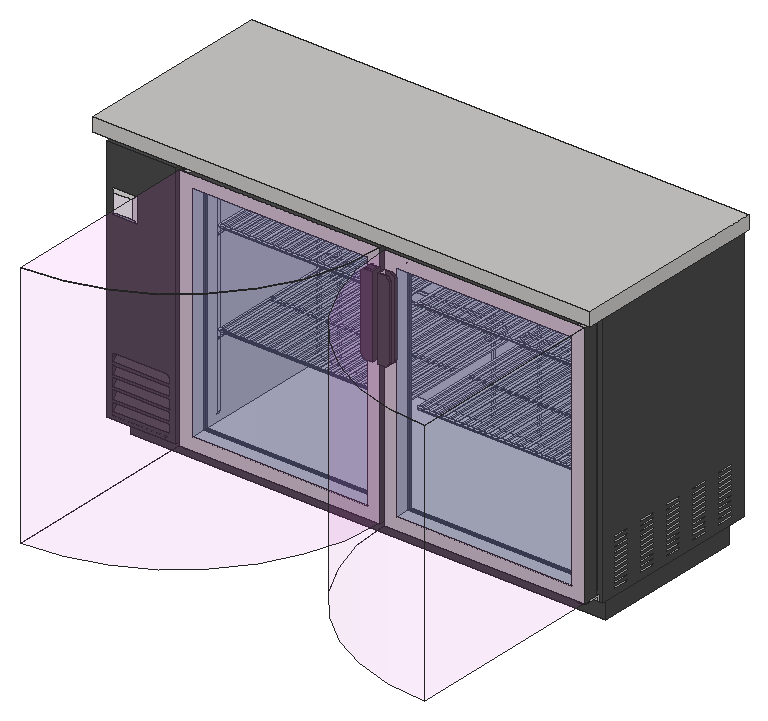
Revit family "QF_Kelvinator_738273_KCHBB60G", category Specialty Equipment, Revit 2021 (continued)
Definition of nested family "KCHBB48S"
  Definition of nested family "Family1"
    Forms (in)
      Extrusion 12, solid
        from 0 to -0.14951
      Extrusion 13, solid
        sketch origin (-38.39759, -180, 0) x (0, 1, 0) y (1, 0, 0)
          loop
            line (180.5, 38.39759) -> (180.5, 39.50032) -> (178.875, 39.50032)
            arc (178.875, 39.50032) -> (178.32364, 38.94896) -> (178.875, 38.39759) r 0.55136
            line (178.875, 38.39759) -> (180.5, 38.39759)
        from 0 to 0.14873
      Extrusion 14, solid
        sketch origin (0, 0.35049, -1.06969) x (0, 0, 1) y (-1, 0, 0)
          loop
            circle (0.77738, -2.54332) r 0.25
        from 0 to 0.125
      Extrusion 15, solid
        sketch origin (-1.99196, -0.22718, -0.14873) x (-1, 0, 0) y (0, 1, 0)
          loop
            circle (-2.54332, -0.64782) r 0.25
        from 0 to 0.125
      Extrusion 16, solid
        sketch origin (1, 0.35049, -1.06969) x (0, 0, 1) y (-1, 0, 0)
          loop
            circle (0.77738, -0.54332) r 0.25
        from 0 to 0.125
      Extrusion 17, solid
        sketch origin (2, 0.35049, -1.06969) x (0, 0, 1) y (-1, 0, 0)
          loop
            circle (0.77738, 1.45668) r 0.25
        from 0 to 0.125
      Extrusion 18, void
        sketch origin (0, 0, 0) x (1, 0, 0) y (0, 0, 1)
          loop
            line (23.1, 28.9) -> (1.5, 28.9) -> (1.5, 1.5) -> (23.1, 1.5) -> (23.1, 28.9)
        from -0.5 to 1.75
      Extrusion 19, solid
        sketch origin (0, 0, 0) x (1, 0, 0) y (0, 0, 1)
          loop
            line (1.5, 28.9) -> (1.5, 1.5) -> (23.1, 1.5) -> (23.1, 28.9) -> (1.5, 28.9)
        from 0 to 1.75
      Extrusion 20, solid
        sketch origin (0, -1.75, 0) x (1, 0, 0) y (0, 0, 1)
          loop
            line (23.1, 28.28433) -> (23.1, 18.28433) -> (24.6, 18.28433) -> (24.6, 28.28433) -> (23.1, 28.28433)
        from 0 to 1.07803
      Extrusion 21, void
        sketch origin (17.1, -1.75, 28.28433) x (0, 1, 0) y (1, 0, 0)
          loop
            line (-0.20136, 7.25) -> (-0.88809, 7.25) -> (-0.88809, 6) -> (-0.20136, 6) -> (-0.20136, 7.25)
        from 0 to 10
      Extrusion 22, void
        sketch origin (0, -1.75, 0) x (1, 0, 0) y (0, 0, 1)
          loop
            line (24.74063, 28.28433) -> (24.74063, 28.45985) -> (22.91722, 28.45985) -> (22.91722, 27.64371) -> (23.08438, 27.64371)
            arc (23.08438, 27.64371) -> (23.27201, 28.0967) -> (23.725, 28.28433) r 0.64062
            line (23.725, 28.28433) -> (24.74063, 28.28433)
          loop
            line (24.74063, 18.28433) -> (23.725, 18.28433)
            arc (23.725, 18.28433) -> (23.27201, 18.47197) -> (23.08438, 18.92496) r 0.64062
            line (23.08438, 18.92496) -> (22.91722, 18.92496) -> (22.91722, 18.10882) -> (24.74063, 18.10882) -> (24.74063, 18.28433)
        from 0 to 1.07803
      Extrusion 23, solid, visible <- "Show Clearance"
        sketch origin (0, 0, 0) x (1, 0, 0) y (0, 1, 0)
          loop
            line (0, -1.75) -> (0, -26.35)
            arc (0, -26.35) -> (17.39483, -19.14483) -> (24.6, -1.75) r 24.6
            line (24.6, -1.75) -> (0, -1.75)
        from 0 to 30.4
    Cuts and joins
      Extrusion 2, Extrusion 3, Extrusion 18, Extrusion 22 cuts Extrusion 1
      joined: Extrusion 6, Extrusion 7, Extrusion 8, Extrusion 9, Extrusion 10, Extrusion 11
      joined: Extrusion 12, Extrusion 13, Extrusion 14, Extrusion 15, Extrusion 16, Extrusion 17
      Extrusion 18, Extrusion 22 cuts Extrusion 4
      Extrusion 18 cuts Extrusion 5
      Extrusion 22 cuts Extrusion 19
      Extrusion 21, Extrusion 22 cuts Extrusion 20
    Lines and regions (in)
      Split face 1
        outline origin (0, -1.75, 30.4) x (-1, 0, 0) y (0, 0, -1)
          loop
            arc (-21.0075, 0.1875) -> (-20.695, 0.5) -> (-21.0075, 0.8125) r 0.3125
            line (-21.0075, 0.8125) -> (-22.10125, 0.8125)
            arc (-22.10125, 0.8125) -> (-22.41375, 0.5) -> (-22.10125, 0.1875) r 0.3125
            line (-22.10125, 0.1875) -> (-21.0075, 0.1875)
      Split face 2
        outline origin (0, -1.75, 30.4) x (-1, 0, 0) y (0, 0, -1)
          loop
            circle (-21.55437, 0.5) r 0.2773
      symbolic lines, visible <- "Show Clearance"
        curve 1: arc (21.30422, -14.05, 0) -> (23.65628, -8.49837, 0) -> (24.58727, -2.54136, 0) r 24.6
        curve 2: line (1.37067, -2.54136, 0) -> (21.30422, -14.05, 0)
    Dimensions and locks (in)
      equal spacing: plane 3 "LEFT", plane 7 "Center Y", plane 4 "RIGHT"
      "Length": plane 3 "LEFT" to plane 4 "RIGHT"
      equal spacing: plane 5 "FRONT", plane 8 "Center X", plane 1 "BACK"
      "Depth": plane 5 "FRONT" to plane 1 "BACK"
      "Height": plane 6 "TOP" to level
      locked: plane 13 to plane 4 "RIGHT" at 0.3125
      locked: plane 14 to plane 4 "RIGHT" at 1.5
      aligned and locked: level to plane 2
      aligned and locked: cut or joined group of Extrusion 4, Extrusion 18, Extrusion 22 to plane 13
      aligned and locked: cut or joined group of Extrusion 5, Extrusion 18 to plane 13
      aligned and locked: cut or joined group of Extrusion 19, Extrusion 22 to plane 14
      aligned and locked: plane 14 to cut or joined group of Extrusion 20, Extrusion 21, Extrusion 22
    Automatic sketch dimensions
      Extrusion 1 sketch curve to level = 0"
      Extrusion 1 sketch curve to plane 3 "LEFT" = 0"
      plane 4 "RIGHT" to Extrusion 1 sketch curve = 0"
      Extrusion 1 sketch curve to plane 6 "TOP" = 0"
      Extrusion 2 sketch curve to plane 6 "TOP" = 4.42179"
      Extrusion 2 sketch curve to Extrusion 2 sketch curve = 0.3367"
      Extrusion 2 sketch curve to Extrusion 2 sketch curve = 0.33813"  (x2)
      Extrusion 2 sketch curve to Extrusion 2 sketch curve = 0.09937"  (x2)
      Extrusion 2 sketch curve to Extrusion 2 sketch curve = 0.1008"  (x2)
      plane 12 to Extrusion 2 sketch curve = 4.2715"
      Extrusion 2 sketch curve to Extrusion 2 sketch curve = 0.06211"
      Extrusion 2 sketch curve to Extrusion 2 sketch curve = 0.541"  (x2)
      plane 7 "Center Y" to Extrusion 2 sketch curve = 4.175"
      Extrusion 2 sketch curve to Extrusion 2 sketch curve = 0"
      Extrusion 2 sketch curve to Extrusion 2 sketch curve = 0.47572"
      Extrusion 2 sketch curve to Extrusion 2 sketch curve = 0.063"
      Split face 1 sketch curve to cut or joined group of Extrusion 1, Extrusion 2, Extrusion 3, Extrusion 18, Extrusion 22 = 3/16"
      cut or joined group of Extrusion 1, Extrusion 2, Extrusion 3, Extrusion 18, Extrusion 22 to Split face 1 sketch curve = 0.2873"  (x2)
      Split face 1 sketch curve to cut or joined group of Extrusion 1, Extrusion 2, Extrusion 3, Extrusion 18, Extrusion 22 = 1/32"
      Split face 2 sketch curve to cut or joined group of Extrusion 1, Extrusion 2, Extrusion 3, Extrusion 18, Extrusion 22 = 1/32"
      Split face 2 sketch curve to cut or joined group of Extrusion 1, Extrusion 2, Extrusion 3, Extrusion 18, Extrusion 22 = 0.25958"
      Extrusion 1 to Extrusion 3 sketch curve = 15/32"
      Extrusion 1 to Extrusion 3 sketch curve = 2.78605"
      Extrusion 3 sketch curve to Extrusion 3 sketch curve = 0.51916"
      Extrusion 3 sketch curve to Extrusion 3 sketch curve = 1/16"
      Extrusion 4 sketch curve to plane 1 "BACK" = 0"
      level to Extrusion 4 sketch curve = 0.32425"
      Extrusion 4 sketch curve to plane 6 "TOP" = 0.32575"
      Extrusion 4 sketch curve to Extrusion 4 sketch curve = 1/4"
      Extrusion 5 sketch curve to plane 9 = 0"
      level to Extrusion 5 sketch curve = 0.32425"
      Extrusion 5 sketch curve to plane 6 "TOP" = 0.32575"
      Extrusion 5 sketch curve to Extrusion 5 sketch curve = 1/4"
      Extrusion 6 sketch curve to plane 6 "TOP" = 0"
      Extrusion 6 sketch curve to plane 3 "LEFT" = 0"
      Extrusion 6 sketch curve to plane 10 = 0.12956"
      plane 12 to Extrusion 6 sketch curve = 2 11/16"
      Extrusion 7 sketch curve to plane 9 = 0"
      Extrusion 7 sketch curve to plane 3 "LEFT" = 0"
      plane 12 to Extrusion 7 sketch curve = 0.23886"
      Extrusion 7 sketch curve to plane 8 "Center X" = 1/4"
      Extrusion 8 sketch curve to Extrusion 6 = 0.29232"
      Extrusion 8 sketch curve to Extrusion 6 = 0.45668"
      Extrusion 9 sketch curve to plane 8 "Center X" = 0"
      plane 12 to Extrusion 9 sketch curve = 0.23886"
      Extrusion 10 sketch curve to Extrusion 6 = 0.29232"
      Extrusion 10 sketch curve to Extrusion 6 = 1.45668"
      Extrusion 11 sketch curve to Extrusion 6 = 0.29232"
      Extrusion 11 sketch curve to Extrusion 6 = 0.54332"
      Extrusion 12 sketch curve to level = 0"
      Extrusion 12 sketch curve to plane 3 "LEFT" = 0"
      Extrusion 12 sketch curve to plane 11 = 0.12956"
      plane 12 to Extrusion 12 sketch curve = 2 11/16"
      Extrusion 13 sketch curve to plane 3 "LEFT" = 0"
      Extrusion 13 sketch curve to plane 9 = 0"
      Extrusion 13 sketch curve to plane 8 "Center X" = 1/4"
      Extrusion 13 sketch curve to Extrusion 13 sketch curve = 0.55136"
      Extrusion 14 sketch curve to Extrusion 12 = 0.29232"
      Extrusion 14 sketch curve to Extrusion 12 = 0.45668"
      Extrusion 15 sketch curve to plane 8 "Center X" = 0"
      plane 12 to Extrusion 15 sketch curve = 0.23886"
      Extrusion 16 sketch curve to Extrusion 12 = 0.29232"
      Extrusion 16 sketch curve to Extrusion 12 = 1.45668"
      Extrusion 17 sketch curve to Extrusion 12 = 0.29232"
      Extrusion 17 sketch curve to Extrusion 12 = 0.54332"
      plane 3 "LEFT" to Extrusion 18 sketch curve = 1 1/2"
      Extrusion 18 sketch curve to plane 6 "TOP" = 1 1/2"
      level to Extrusion 18 sketch curve = 1 1/2"
      plane 4 "RIGHT" to Extrusion 18 sketch curve = 1 1/2"
      plane 12 to Extrusion 19 sketch curve = 1 3/16"
      level to Extrusion 19 sketch curve = 1 1/2"
      Extrusion 19 sketch curve to plane 6 "TOP" = 1 1/2"
      plane 4 "RIGHT" to Extrusion 20 sketch curve = 0"
      Extrusion 20 sketch curve to plane 6 "TOP" = 12.11567"
      Extrusion 20 sketch curve to plane 6 "TOP" = 2.11567"
      Extrusion 21 sketch curve to Extrusion 20 = 1 1/4"
      Extrusion 21 sketch curve to Extrusion 20 = 1 1/2"
      Extrusion 20 to Extrusion 21 sketch curve = 0.18994"
      Extrusion 20 to Extrusion 21 sketch curve = 0.20136"
      Extrusion 22 sketch curve to Extrusion 20 = 0"  (x2)
      Extrusion 22 sketch curve to Extrusion 20 = 0.18278"  (x2)
      Extrusion 22 sketch curve to Extrusion 20 = 1/64"  (x2)
      Extrusion 20 to Extrusion 22 sketch curve = 5/8"  (x2)
      Extrusion 22 sketch curve to Extrusion 20 = 9/64"  (x2)
      Extrusion 22 sketch curve to Extrusion 20 = 0.17552"
      Extrusion 22 sketch curve to Extrusion 22 sketch curve = 0.17552"
      Extrusion 23 sketch curve to plane 3 "LEFT" = 0"
      Extrusion 23 sketch curve to plane 4 "RIGHT" = 0"
      plane 5 "FRONT" to Extrusion 23 sketch curve = 0"
      plane 13 to Extrusion 19 sketch curve = 1 3/16"
      plane 13 to Extrusion 20 sketch curve = 1 3/16"
      curve 1 to plane 3 "LEFT" = 0"
      curve 2 to plane 15 = 0"
      curve 1 to plane 15 = 0"
      plane 5 "FRONT" to curve 1 = 0"
      plane 14 to curve 2 = 1.79578"
      curve 2 to plane 15 = 11.50864"
      plane 12 to curve 2 = 1.05817"
      radius of Split face 2 sketch curve = 0.2773"
      radius of Extrusion 8 sketch curve = 1/4"
      radius of Extrusion 9 sketch curve = 1/4"
      radius of Extrusion 10 sketch curve = 1/4"
      radius of Extrusion 11 sketch curve = 1/4"
      radius of Extrusion 14 sketch curve = 1/4"
      radius of Extrusion 15 sketch curve = 1/4"
      radius of Extrusion 16 sketch curve = 1/4"
      radius of Extrusion 17 sketch curve = 1/4"
  Definition of nested family "Family2"
    Parameters (values of type "Family2")
      Weight in Pounds = 0
      URL Cutsheet = ""
      Specification by User = ""
      Specification by Manufacturer = ""
      Serial Number = ""
      Seismic Rating = ""
      SMACNA No = ""
      Revision Code = ""
      NAFEM Spec ID Number = ""
      Masterspec = ""
      Length = 48 1/4"
      Item Number = ""
      Installed By = ""
      Identify Quantity as Lot = yes
      Height = 27"
      Furnished By = ""
      Foodservice Equipment Identifier = yes
      Depth = 17 1/2"
      Default Elevation = 0"
      CSI MasterFormat = ""
    Reference planes (in)
      plane 1 "BACK": y = 0
      plane 2: z = 0
      plane 3 "LEFT": x = 0
      plane 4 "RIGHT": x = 48.25
      plane 5 "FRONT": y = -17.5
      plane 6 "TOP": z = 27
      plane 7 "Center Y": x = 24.125
      plane 8 "Center X": y = -8.75
    Forms (in)
      Sweep 1, solid
        path origin (0, -0.375, -12.5068) x (1, 0, 0) y (0, 1, 0)
          loop
            arc (0.77862, -0.125) -> (0.60184, -0.19822) -> (0.52862, -0.375) r 0.25
            line (0.52862, -0.375) -> (0.52862, -15.625)
            arc (0.52862, -15.625) -> (0.60184, -15.80178) -> (0.77862, -15.875) r 0.25
            line (0.77862, -15.875) -> (23.06095, -15.875)
            arc (23.06095, -15.875) -> (23.23773, -15.80178) -> (23.31095, -15.625) r 0.25
            line (23.31095, -15.625) -> (23.31095, -0.375)
            arc (23.31095, -0.375) -> (23.23773, -0.19822) -> (23.06095, -0.125) r 0.25
            line (23.06095, -0.125) -> (0.77862, -0.125)
        profile origin (11.91979, -0.5, -12.5068) x (0, 1, 0) y (0, 0, 1)
          loop
            circle (0, 33.51221) r 0.125
      Sweep 2, solid
        path origin (0, -0.375, -12.5068) x (1, 0, 0) y (0, 0, 1)
          loop
            line (0.65748, 33.41305) -> (0.65748, 34.5)
            arc (0.65748, 34.5) -> (0.80392, 34.85355) -> (1.15748, 35) r 0.5
            line (1.15748, 35) -> (22.56127, 35)
            arc (22.56127, 35) -> (22.91483, 34.85355) -> (23.06127, 34.5) r 0.5
            line (23.06127, 34.5) -> (23.06127, 33.39548)
        profile origin (1.15748, -0.375, 22.4932) x (0, 0, 1) y (0, -1, 0)
          loop
            circle (0, 0.125) r 0.125
      Extrusion 3, solid
        sketch origin (0, -0.375, -12.5068) x (1, 0, 0) y (0, 0, 1)
          loop
            circle (1.24728, 33.51221) r 0.11607
          loop
            circle (1.99728, 33.51221) r 0.11719
          loop
            circle (2.74728, 33.51221) r 0.11719
          loop
            circle (3.49728, 33.51221) r 0.11719
          loop
            circle (4.24728, 33.51221) r 0.11719
          loop
            circle (4.99728, 33.51221) r 0.11719
          loop
            circle (5.74728, 33.51221) r 0.11719
          loop
            circle (6.49728, 33.51221) r 0.11719
          loop
            circle (7.24728, 33.51221) r 0.11719
          loop
            circle (7.99728, 33.51221) r 0.11719
          loop
            circle (8.74728, 33.51221) r 0.11719
          loop
            circle (12.59103, 33.51221) r 0.11719
          loop
            circle (9.49728, 33.51221) r 0.11719
          loop
            circle (10.24728, 33.51221) r 0.11719
          loop
            circle (10.99728, 33.51221) r 0.11719
          loop
            circle (11.74728, 33.51221) r 0.11719
          loop
            circle (16.44022, 33.51221) r 0.11719
          loop
            circle (15.69022, 33.51221) r 0.11719
          loop
            circle (14.94022, 33.51221) r 0.11719
          loop
            circle (14.19022, 33.51221) r 0.11719
          loop
            circle (13.44022, 33.51221) r 0.11719
          loop
            circle (18.71603, 33.51221) r 0.11719
          loop
            circle (17.12228, 33.51221) r 0.11719
          loop
            circle (17.87228, 33.51221) r 0.11719
          loop
            circle (22.56522, 33.51221) r 0.11719
          loop
            circle (21.81522, 33.51221) r 0.11719
          loop
            circle (21.06522, 33.51221) r 0.11719
          loop
            circle (20.31522, 33.51221) r 0.11719
          loop
            circle (19.56522, 33.51221) r 0.11719
        from 0.11338 to 15.87625
      Extrusion 4, solid
        sketch origin (0, -0.375, -12.5068) x (0, 1, 0) y (0, 0, 1)
          loop
            circle (-8, 33.51181) r 0.11366
        from 0.53657 to 23.125
      Extrusion 5, solid
        sketch origin (17.375, -16, 0) x (1, 0, 0) y (0, 0, 1)
          loop
            line (30.875, 27) -> (30.69822, 26.82322) -> (30.69822, 0.17678) -> (30.875, 0) -> (30.875, 27)
        from 0 to -0.25
      Extrusion 6, solid
        sketch origin (17.375, -0.5, 0) x (1, 0, 0) y (0, 0, -1)
          loop
            line (30.875, -27) -> (30.875, 0) -> (30.69822, -0.17678) -> (30.69822, -26.82322) -> (30.875, -27)
        from 0 to -0.25
      Extrusion 7, solid
        sketch origin (10.98556, -16, -0.25) x (1, 0, 0) y (0, 0, 1)
          loop
            line (37.08766, 9.5) -> (37.08766, 9.625) -> (36.04932, 9.625)
            arc (36.04932, 9.625) -> (36.01474, 9.60189) -> (36.02285, 9.5611) r 0.03743
            line (36.02285, 9.5611) -> (37.08766, 8.49629) -> (37.08766, 8.67306) -> (36.30703, 9.45369)
            arc (36.30703, 9.45369) -> (36.30115, 9.48325) -> (36.32622, 9.5) r 0.02713
            line (36.32622, 9.5) -> (37.08766, 9.5)
          loop
            line (37.08766, 21) -> (37.08766, 21.125) -> (36.04932, 21.125)
            arc (36.04932, 21.125) -> (36.01474, 21.10189) -> (36.02285, 21.0611) r 0.03743
            line (36.02285, 21.0611) -> (37.08766, 19.99629) -> (37.08766, 20.17306) -> (36.30703, 20.95369)
            arc (36.30703, 20.95369) -> (36.30115, 20.98325) -> (36.32622, 21) r 0.02713
            line (36.32622, 21) -> (37.08766, 21)
        from 0 to -0.25
      Extrusion 8, solid
        sketch origin (11.0625, -0.5, -0.25) x (1, 0, 0) y (0, 0, -1)
          loop
            line (37.01072, -9.5) -> (36.24928, -9.5)
            arc (36.24928, -9.5) -> (36.22422, -9.48325) -> (36.2301, -9.45369) r 0.02713
            line (36.2301, -9.45369) -> (37.01072, -8.67306) -> (37.01072, -8.49629) -> (35.94591, -9.5611)
            arc (35.94591, -9.5611) -> (35.9378, -9.60189) -> (35.97238, -9.625) r 0.03743
            line (35.97238, -9.625) -> (37.01072, -9.625) -> (37.01072, -9.5)
          loop
            line (37.01072, -21) -> (36.24928, -21)
            arc (36.24928, -21) -> (36.22422, -20.98325) -> (36.2301, -20.95369) r 0.02713
            line (36.2301, -20.95369) -> (37.01072, -20.17306) -> (37.01072, -19.99629) -> (35.94591, -21.0611)
            arc (35.94591, -21.0611) -> (35.9378, -21.10189) -> (35.97238, -21.125) r 0.03743
            line (35.97238, -21.125) -> (37.01072, -21.125) -> (37.01072, -21)
        from 0 to -0.25
      Extrusion 9, solid
        sketch origin (18.875, -16, 0) x (-1, 0, 0) y (0, 0, -1)
          loop
            line (18.875, -27) -> (18.875, 0) -> (18.69822, -0.17678) -> (18.69822, -26.82322) -> (18.875, -27)
        from 0 to -0.25
      Extrusion 10, solid
        sketch origin (18.875, -0.5, 0) x (-1, 0, 0) y (0, 0, 1)
          loop
            line (18.875, 27) -> (18.69822, 26.82322) -> (18.69822, 0.17678) -> (18.875, 0) -> (18.875, 27)
        from 0 to -0.25
      Extrusion 11, solid
        sketch origin (25.26444, -16, -0.25) x (-1, 0, 0) y (0, 0, -1)
          loop
            line (25.08766, -9.5) -> (24.32622, -9.5)
            arc (24.32622, -9.5) -> (24.30115, -9.48325) -> (24.30703, -9.45369) r 0.02713
            line (24.30703, -9.45369) -> (25.08766, -8.67306) -> (25.08766, -8.49629) -> (24.02285, -9.5611)
            arc (24.02285, -9.5611) -> (24.01474, -9.60189) -> (24.04932, -9.625) r 0.03743
            line (24.04932, -9.625) -> (25.08766, -9.625) -> (25.08766, -9.5)
          loop
            line (25.08766, -21) -> (24.32622, -21)
            arc (24.32622, -21) -> (24.30115, -20.98325) -> (24.30703, -20.95369) r 0.02713
            line (24.30703, -20.95369) -> (25.08766, -20.17306) -> (25.08766, -19.99629) -> (24.02285, -21.0611)
            arc (24.02285, -21.0611) -> (24.01474, -21.10189) -> (24.04932, -21.125) r 0.03743
            line (24.04932, -21.125) -> (25.08766, -21.125) -> (25.08766, -21)
        from 0 to -0.25
      Extrusion 12, solid
        sketch origin (25.1875, -0.5, -0.25) x (-1, 0, 0) y (0, 0, 1)
          loop
            line (25.01072, 9.5) -> (25.01072, 9.625) -> (23.97238, 9.625)
            arc (23.97238, 9.625) -> (23.9378, 9.60189) -> (23.94591, 9.5611) r 0.03743
            line (23.94591, 9.5611) -> (25.01072, 8.49629) -> (25.01072, 8.67306) -> (24.2301, 9.45369)
            arc (24.2301, 9.45369) -> (24.22422, 9.48325) -> (24.24928, 9.5) r 0.02713
            line (24.24928, 9.5) -> (25.01072, 9.5)
          loop
            line (25.01072, 21) -> (25.01072, 21.125) -> (23.97238, 21.125)
            arc (23.97238, 21.125) -> (23.9378, 21.10189) -> (23.94591, 21.0611) r 0.03743
            line (23.94591, 21.0611) -> (25.01072, 19.99629) -> (25.01072, 20.17306) -> (24.2301, 20.95369)
            arc (24.2301, 20.95369) -> (24.22422, 20.98325) -> (24.24928, 21) r 0.02713
            line (24.24928, 21) -> (25.01072, 21)
        from 0 to -0.25
      Extrusion 13, solid
        sketch origin (2.25171, -18.875, 0) x (0, 1, 0) y (0, 0, -1)
          loop
            line (18.875, -27) -> (18.875, 0) -> (18.69822, -0.17678) -> (18.69822, -26.82322) -> (18.875, -27)
        from 0 to -0.25
      Extrusion 14, solid
        sketch origin (2.25171, -25.26444, -0.25) x (0, 1, 0) y (0, 0, -1)
          loop
            line (25.08766, -9.48438) -> (24.32622, -9.48438)
            arc (24.32622, -9.48438) -> (24.30115, -9.46763) -> (24.30703, -9.43806) r 0.02713
            line (24.30703, -9.43806) -> (25.08766, -8.65744) -> (25.08766, -8.48066) -> (24.02285, -9.54547)
            arc (24.02285, -9.54547) -> (24.01474, -9.58627) -> (24.04932, -9.60938) r 0.03743
            line (24.04932, -9.60938) -> (25.08766, -9.60938) -> (25.08766, -9.48438)
          loop
            line (25.08766, -21) -> (24.32622, -21)
            arc (24.32622, -21) -> (24.30115, -20.98325) -> (24.30703, -20.95369) r 0.02713
            line (24.30703, -20.95369) -> (25.08766, -20.17306) -> (25.08766, -19.99629) -> (24.02285, -21.0611)
            arc (24.02285, -21.0611) -> (24.01474, -21.10189) -> (24.04932, -21.125) r 0.03743
            line (24.04932, -21.125) -> (25.08766, -21.125) -> (25.08766, -21)
        from 0 to -0.25
      Extrusion 15, solid
        sketch origin (21.18921, -18.875, 0) x (0, 1, 0) y (0, 0, -1)
          loop
            line (18.875, -27) -> (18.875, 0) -> (18.69822, -0.17678) -> (18.69822, -26.82322) -> (18.875, -27)
        from 0 to -0.25
      Extrusion 16, solid
        sketch origin (21.18921, -25.26444, -0.25) x (0, 1, 0) y (0, 0, -1)
          loop
            line (25.08766, -9.48438) -> (24.32622, -9.48438)
            arc (24.32622, -9.48438) -> (24.30115, -9.46763) -> (24.30703, -9.43806) r 0.02713
            line (24.30703, -9.43806) -> (25.08766, -8.65744) -> (25.08766, -8.48066) -> (24.02285, -9.54547)
            arc (24.02285, -9.54547) -> (24.01474, -9.58627) -> (24.04932, -9.60938) r 0.03743
            line (24.04932, -9.60938) -> (25.08766, -9.60938) -> (25.08766, -9.48438)
          loop
            line (25.08766, -21) -> (24.32622, -21)
            arc (24.32622, -21) -> (24.30115, -20.98325) -> (24.30703, -20.95369) r 0.02713
            line (24.30703, -20.95369) -> (25.08766, -20.17306) -> (25.08766, -19.99629) -> (24.02285, -21.0611)
            arc (24.02285, -21.0611) -> (24.01474, -21.10189) -> (24.04932, -21.125) r 0.03743
            line (24.04932, -21.125) -> (25.08766, -21.125) -> (25.08766, -21)
        from 0 to -0.25
      Sweep 17, solid
        path origin (0, -0.375, -24.0068) x (1, 0, 0) y (0, 1, 0)
          loop
            arc (0.77862, -0.125) -> (0.60184, -0.19822) -> (0.52862, -0.375) r 0.25
            line (0.52862, -0.375) -> (0.52862, -15.625)
            arc (0.52862, -15.625) -> (0.60184, -15.80178) -> (0.77862, -15.875) r 0.25
            line (0.77862, -15.875) -> (23.06095, -15.875)
            arc (23.06095, -15.875) -> (23.23773, -15.80178) -> (23.31095, -15.625) r 0.25
            line (23.31095, -15.625) -> (23.31095, -0.375)
            arc (23.31095, -0.375) -> (23.23773, -0.19822) -> (23.06095, -0.125) r 0.25
            line (23.06095, -0.125) -> (0.77862, -0.125)
        profile origin (11.91979, -0.5, -24.0068) x (0, 1, 0) y (0, 0, 1)
          loop
            circle (0, 33.51221) r 0.125
      Sweep 18, solid
        path origin (0, -0.375, -24.0068) x (1, 0, 0) y (0, 0, 1)
          loop
            line (0.65748, 33.41305) -> (0.65748, 34.5)
            arc (0.65748, 34.5) -> (0.80392, 34.85355) -> (1.15748, 35) r 0.5
            line (1.15748, 35) -> (22.56127, 35)
            arc (22.56127, 35) -> (22.91483, 34.85355) -> (23.06127, 34.5) r 0.5
            line (23.06127, 34.5) -> (23.06127, 33.39548)
        profile origin (1.15748, -0.375, 10.9932) x (0, 0, 1) y (0, -1, 0)
          loop
            circle (0, 0.125) r 0.125
      Extrusion 19, solid
        sketch origin (0, -0.375, -24.0068) x (1, 0, 0) y (0, 0, 1)
          loop
            circle (1.24728, 33.51221) r 0.11607
          loop
            circle (1.99728, 33.51221) r 0.11719
          loop
            circle (2.74728, 33.51221) r 0.11719
          loop
            circle (3.49728, 33.51221) r 0.11719
          loop
            circle (4.24728, 33.51221) r 0.11719
          loop
            circle (4.99728, 33.51221) r 0.11719
          loop
            circle (5.74728, 33.51221) r 0.11719
          loop
            circle (6.49728, 33.51221) r 0.11719
          loop
            circle (7.24728, 33.51221) r 0.11719
          loop
            circle (7.99728, 33.51221) r 0.11719
          loop
            circle (8.74728, 33.51221) r 0.11719
          loop
            circle (12.59103, 33.51221) r 0.11719
          loop
            circle (9.49728, 33.51221) r 0.11719
          loop
            circle (10.24728, 33.51221) r 0.11719
          loop
            circle (10.99728, 33.51221) r 0.11719
          loop
            circle (11.74728, 33.51221) r 0.11719
          loop
            circle (16.44022, 33.51221) r 0.11719
          loop
            circle (15.69022, 33.51221) r 0.11719
          loop
            circle (14.94022, 33.51221) r 0.11719
          loop
            circle (14.19022, 33.51221) r 0.11719
          loop
            circle (13.44022, 33.51221) r 0.11719
          loop
            circle (18.71603, 33.51221) r 0.11719
          loop
            circle (17.12228, 33.51221) r 0.11719
          loop
            circle (17.87228, 33.51221) r 0.11719
          loop
            circle (22.56522, 33.51221) r 0.11719
          loop
            circle (21.81522, 33.51221) r 0.11719
          loop
            circle (21.06522, 33.51221) r 0.11719
          loop
            circle (20.31522, 33.51221) r 0.11719
          loop
            circle (19.56522, 33.51221) r 0.11719
        from 0.11338 to 15.87625
      Extrusion 20, solid
        sketch origin (0, -0.375, -24.0068) x (0, 1, 0) y (0, 0, 1)
          loop
            circle (-8, 33.51181) r 0.11366
        from 0.53657 to 23.125
      Sweep 21, solid
        path origin (48.25, -0.375, -12.5068) x (-1, 0, 0) y (0, -1, 0)
          loop
            line (0.77862, 0.125) -> (23.06095, 0.125)
            arc (23.06095, 0.125) -> (23.23773, 0.19822) -> (23.31095, 0.375) r 0.25
            line (23.31095, 0.375) -> (23.31095, 15.625)
            arc (23.31095, 15.625) -> (23.23773, 15.80178) -> (23.06095, 15.875) r 0.25
            line (23.06095, 15.875) -> (0.77862, 15.875)
            arc (0.77862, 15.875) -> (0.60184, 15.80178) -> (0.52862, 15.625) r 0.25
            line (0.52862, 15.625) -> (0.52862, 0.375)
            arc (0.52862, 0.375) -> (0.60184, 0.19822) -> (0.77862, 0.125) r 0.25
        profile origin (36.33021, -0.5, -12.5068) x (0, -1, 0) y (0, 0, 1)
          loop
            circle (0, 33.51221) r 0.125
      Sweep 22, solid
        path origin (48.25, -0.375, -12.5068) x (-1, 0, 0) y (0, 0, -1)
          loop
            line (0.65748, -33.41305) -> (0.65748, -34.5)
            arc (0.65748, -34.5) -> (0.80392, -34.85355) -> (1.15748, -35) r 0.5
            line (1.15748, -35) -> (22.56127, -35)
            arc (22.56127, -35) -> (22.91483, -34.85355) -> (23.06127, -34.5) r 0.5
            line (23.06127, -34.5) -> (23.06127, -33.39548)
        profile origin (47.09252, -0.375, 22.4932) x (0, 0, -1) y (0, -1, 0)
          loop
            circle (0, 0.125) r 0.125
      Extrusion 23, solid
        sketch origin (48.25, -0.375, -12.5068) x (-1, 0, 0) y (0, 0, -1)
          loop
            circle (1.24728, -33.51221) r 0.11607
          loop
            circle (1.99728, -33.51221) r 0.11719
          loop
            circle (2.74728, -33.51221) r 0.11719
          loop
            circle (3.49728, -33.51221) r 0.11719
          loop
            circle (4.24728, -33.51221) r 0.11719
          loop
            circle (4.99728, -33.51221) r 0.11719
          loop
            circle (5.74728, -33.51221) r 0.11719
          loop
            circle (6.49728, -33.51221) r 0.11719
          loop
            circle (7.24728, -33.51221) r 0.11719
          loop
            circle (7.99728, -33.51221) r 0.11719
          loop
            circle (8.74728, -33.51221) r 0.11719
          loop
            circle (12.59103, -33.51221) r 0.11719
          loop
            circle (9.49728, -33.51221) r 0.11719
          loop
            circle (10.24728, -33.51221) r 0.11719
          loop
            circle (10.99728, -33.51221) r 0.11719
          loop
            circle (11.74728, -33.51221) r 0.11719
          loop
            circle (16.44022, -33.51221) r 0.11719
          loop
            circle (15.69022, -33.51221) r 0.11719
          loop
            circle (14.94022, -33.51221) r 0.11719
          loop
            circle (14.19022, -33.51221) r 0.11719
          loop
            circle (13.44022, -33.51221) r 0.11719
          loop
            circle (18.71603, -33.51221) r 0.11719
          loop
            circle (17.12228, -33.51221) r 0.11719
          loop
            circle (17.87228, -33.51221) r 0.11719
          loop
            circle (22.56522, -33.51221) r 0.11719
          loop
            circle (21.81522, -33.51221) r 0.11719
          loop
            circle (21.06522, -33.51221) r 0.11719
          loop
            circle (20.31522, -33.51221) r 0.11719
          loop
            circle (19.56522, -33.51221) r 0.11719
        from 0.11338 to 15.87625
      Extrusion 24, solid
        sketch origin (48.25, -0.375, -12.5068) x (0, 1, 0) y (0, 0, -1)
          loop
            circle (-8, -33.51181) r 0.11366
        from 0.53657 to 23.125
      Sweep 25, solid
        path origin (48.25, -0.375, -24.0068) x (-1, 0, 0) y (0, -1, 0)
          loop
            line (0.77862, 0.125) -> (23.06095, 0.125)
            arc (23.06095, 0.125) -> (23.23773, 0.19822) -> (23.31095, 0.375) r 0.25
            line (23.31095, 0.375) -> (23.31095, 15.625)
            arc (23.31095, 15.625) -> (23.23773, 15.80178) -> (23.06095, 15.875) r 0.25
            line (23.06095, 15.875) -> (0.77862, 15.875)
            arc (0.77862, 15.875) -> (0.60184, 15.80178) -> (0.52862, 15.625) r 0.25
            line (0.52862, 15.625) -> (0.52862, 0.375)
            arc (0.52862, 0.375) -> (0.60184, 0.19822) -> (0.77862, 0.125) r 0.25
        profile origin (36.33021, -0.5, -24.0068) x (0, -1, 0) y (0, 0, 1)
          loop
            circle (0, 33.51221) r 0.125
      Sweep 26, solid
        path origin (48.25, -0.375, -24.0068) x (-1, 0, 0) y (0, 0, -1)
          loop
            line (0.65748, -33.41305) -> (0.65748, -34.5)
            arc (0.65748, -34.5) -> (0.80392, -34.85355) -> (1.15748, -35) r 0.5
            line (1.15748, -35) -> (22.56127, -35)
            arc (22.56127, -35) -> (22.91483, -34.85355) -> (23.06127, -34.5) r 0.5
            line (23.06127, -34.5) -> (23.06127, -33.39548)
        profile origin (47.09252, -0.375, 10.9932) x (0, 0, -1) y (0, -1, 0)
          loop
            circle (0, 0.125) r 0.125
      Extrusion 27, solid
        sketch origin (48.25, -0.375, -24.0068) x (-1, 0, 0) y (0, 0, -1)
          loop
            circle (1.24728, -33.51221) r 0.11607
          loop
            circle (1.99728, -33.51221) r 0.11719
          loop
            circle (2.74728, -33.51221) r 0.11719
          loop
            circle (3.49728, -33.51221) r 0.11719
          loop
            circle (4.24728, -33.51221) r 0.11719
          loop
            circle (4.99728, -33.51221) r 0.11719
          loop
            circle (5.74728, -33.51221) r 0.11719
          loop
            circle (6.49728, -33.51221) r 0.11719
          loop
            circle (7.24728, -33.51221) r 0.11719
          loop
            circle (7.99728, -33.51221) r 0.11719
          loop
            circle (8.74728, -33.51221) r 0.11719
          loop
            circle (12.59103, -33.51221) r 0.11719
          loop
            circle (9.49728, -33.51221) r 0.11719
          loop
            circle (10.24728, -33.51221) r 0.11719
          loop
            circle (10.99728, -33.51221) r 0.11719
          loop
            circle (11.74728, -33.51221) r 0.11719
          loop
            circle (16.44022, -33.51221) r 0.11719
          loop
            circle (15.69022, -33.51221) r 0.11719
          loop
            circle (14.94022, -33.51221) r 0.11719
          loop
            circle (14.19022, -33.51221) r 0.11719
          loop
            circle (13.44022, -33.51221) r 0.11719
          loop
            circle (18.71603, -33.51221) r 0.11719
          loop
            circle (17.12228, -33.51221) r 0.11719
          loop
            circle (17.87228, -33.51221) r 0.11719
          loop
            circle (22.56522, -33.51221) r 0.11719
          loop
            circle (21.81522, -33.51221) r 0.11719
          loop
            circle (21.06522, -33.51221) r 0.11719
          loop
            circle (20.31522, -33.51221) r 0.11719
          loop
            circle (19.56522, -33.51221) r 0.11719
        from 0.11338 to 15.87625
      Extrusion 28, solid
        sketch origin (48.25, -0.375, -24.0068) x (0, 1, 0) y (0, 0, -1)
          loop
            circle (-8, -33.51181) r 0.11366
        from 0.53657 to 23.125
      Extrusion 29, solid
        sketch origin (45.99829, -18.875, 0) x (0, 1, 0) y (0, 0, 1)
          loop
            line (18.875, 27) -> (18.69822, 26.82322) -> (18.69822, 0.17678) -> (18.875, 0) -> (18.875, 27)
        from 0 to -0.25
      Extrusion 30, solid
        sketch origin (45.99829, -25.26444, -0.25) x (0, 1, 0) y (0, 0, 1)
          loop
            line (25.08766, 9.48438) -> (25.08766, 9.60938) -> (24.04932, 9.60938)
            arc (24.04932, 9.60938) -> (24.01474, 9.58627) -> (24.02285, 9.54547) r 0.03743
            line (24.02285, 9.54547) -> (25.08766, 8.48066) -> (25.08766, 8.65744) -> (24.30703, 9.43806)
            arc (24.30703, 9.43806) -> (24.30115, 9.46763) -> (24.32622, 9.48438) r 0.02713
            line (24.32622, 9.48438) -> (25.08766, 9.48438)
          loop
            line (25.08766, 21) -> (25.08766, 21.125) -> (24.04932, 21.125)
            arc (24.04932, 21.125) -> (24.01474, 21.10189) -> (24.02285, 21.0611) r 0.03743
            line (24.02285, 21.0611) -> (25.08766, 19.99629) -> (25.08766, 20.17306) -> (24.30703, 20.95369)
            arc (24.30703, 20.95369) -> (24.30115, 20.98325) -> (24.32622, 21) r 0.02713
            line (24.32622, 21) -> (25.08766, 21)
        from 0 to -0.25
      Extrusion 31, solid
        sketch origin (27.06079, -18.875, 0) x (0, 1, 0) y (0, 0, 1)
          loop
            line (18.875, 27) -> (18.69822, 26.82322) -> (18.69822, 0.17678) -> (18.875, 0) -> (18.875, 27)
        from 0 to -0.25
      Extrusion 32, solid
        sketch origin (27.06079, -25.26444, -0.25) x (0, 1, 0) y (0, 0, 1)
          loop
            line (25.08766, 9.48438) -> (25.08766, 9.60938) -> (24.04932, 9.60938)
            arc (24.04932, 9.60938) -> (24.01474, 9.58627) -> (24.02285, 9.54547) r 0.03743
            line (24.02285, 9.54547) -> (25.08766, 8.48066) -> (25.08766, 8.65744) -> (24.30703, 9.43806)
            arc (24.30703, 9.43806) -> (24.30115, 9.46763) -> (24.32622, 9.48438) r 0.02713
            line (24.32622, 9.48438) -> (25.08766, 9.48438)
          loop
            line (25.08766, 21) -> (25.08766, 21.125) -> (24.04932, 21.125)
            arc (24.04932, 21.125) -> (24.01474, 21.10189) -> (24.02285, 21.0611) r 0.03743
            line (24.02285, 21.0611) -> (25.08766, 19.99629) -> (25.08766, 20.17306) -> (24.30703, 20.95369)
            arc (24.30703, 20.95369) -> (24.30115, 20.98325) -> (24.32622, 21) r 0.02713
            line (24.32622, 21) -> (25.08766, 21)
        from 0 to -0.25
    Dimensions and locks (in)
      equal spacing: plane 3 "LEFT", plane 7 "Center Y", plane 4 "RIGHT"
      "Length": plane 3 "LEFT" to plane 4 "RIGHT"
      equal spacing: plane 5 "FRONT", plane 8 "Center X", plane 1 "BACK"
      "Depth": plane 5 "FRONT" to plane 1 "BACK"
      "Height": plane 6 "TOP" to level
      aligned and locked: level to plane 2
    Automatic sketch dimensions
      plane 3 "LEFT" to Sweep 1 sketch curve = 0.52862"
      Sweep 1 sketch curve to Sweep 1 sketch curve = 1/4"  (x3)
      plane 1 "BACK" to Sweep 1 sketch curve = 1/2"
      Sweep 1 sketch curve to plane 7 "Center Y" = 1.06405"  (x2)
      Sweep 1 sketch curve to plane 5 "FRONT" = 1 1/2"
      Sweep 1 sketch curve to profile plane = 0"
      profile plane to Sweep 1 sketch curve = 33.51221"
      plane 3 "LEFT" to Sweep 2 sketch curve = 0.65748"
      Sweep 2 sketch curve to Sweep 2 sketch curve = 1/2"  (x2)
      Sweep 2 sketch curve to plane 7 "Center Y" = 1.56373"
      Sweep 2 sketch curve to plane 6 "TOP" = 5.0068"
      Sweep 2 sketch curve to Sweep 2 sketch curve = 1.08695"
      Sweep 2 sketch curve to Sweep 2 sketch curve = 1.10452"
      profile plane to Sweep 2 sketch curve = 0"
      profile plane to Sweep 2 sketch curve = 1/8"
      plane 3 "LEFT" to Extrusion 3 sketch curve = 1.24728"
      Extrusion 3 sketch curve to Extrusion 3 sketch curve = 3/4"  (x23)
      Extrusion 3 sketch curve to Extrusion 3 sketch curve = 27/32"  (x2)
      Extrusion 3 sketch curve to Extrusion 3 sketch curve = 0.8492"  (x2)
      Extrusion 3 sketch curve to Extrusion 3 sketch curve = 0.68205"
      Extrusion 3 sketch curve to plane 6 "TOP" = 5.99459"
      Extrusion 3 sketch curve to Extrusion 3 sketch curve = 0"  (x28)
      plane 8 "Center X" to Extrusion 4 sketch curve = 3/8"
      Extrusion 4 sketch curve to plane 6 "TOP" = 5.99499"
      plane 4 "RIGHT" to Extrusion 5 sketch curve = 0"
      Extrusion 5 sketch curve to level = 0"
      Extrusion 5 sketch curve to plane 6 "TOP" = 0"
      plane 4 "RIGHT" to Extrusion 5 sketch curve = 0.17678"
      level to Extrusion 5 sketch curve = 0.17678"
      Extrusion 5 sketch curve to plane 6 "TOP" = 0.17678"
      plane 4 "RIGHT" to Extrusion 6 sketch curve = 0"
      Extrusion 6 sketch curve to plane 6 "TOP" = 0"
      Extrusion 6 sketch curve to level = 0"
      plane 4 "RIGHT" to Extrusion 6 sketch curve = 0.17678"
      Extrusion 6 sketch curve to plane 6 "TOP" = 0.17678"
      level to Extrusion 6 sketch curve = 0.17678"
      plane 4 "RIGHT" to Extrusion 7 sketch curve = 1.24159"  (x2)
      Extrusion 7 sketch curve to Extrusion 7 sketch curve = 0.02647"  (x4)
      Extrusion 7 sketch curve to Extrusion 7 sketch curve = 0.25771"  (x2)
      Extrusion 7 sketch curve to Extrusion 7 sketch curve = 0.01918"  (x4)
      plane 4 "RIGHT" to Extrusion 7 sketch curve = 0.17678"  (x4)
      level to Extrusion 7 sketch curve = 8.24629"
      Extrusion 7 sketch curve to Extrusion 7 sketch curve = 0.17678"  (x2)
      Extrusion 7 sketch curve to Extrusion 7 sketch curve = 0.78063"  (x2)
      Extrusion 7 sketch curve to Extrusion 7 sketch curve = 0.10741"  (x2)
      Extrusion 7 sketch curve to plane 6 "TOP" = 7.25371"
      plane 4 "RIGHT" to Extrusion 8 sketch curve = 1.24159"  (x2)
      Extrusion 8 sketch curve to Extrusion 8 sketch curve = 0.02647"  (x2)
      Extrusion 8 sketch curve to Extrusion 8 sketch curve = 0.25771"  (x2)
      Extrusion 8 sketch curve to Extrusion 8 sketch curve = 0.01918"  (x2)
      plane 4 "RIGHT" to Extrusion 8 sketch curve = 0.17678"  (x4)
      Extrusion 8 sketch curve to plane 6 "TOP" = 6 1/8"
      Extrusion 8 sketch curve to Extrusion 8 sketch curve = 0.03743"  (x2)
      Extrusion 8 sketch curve to Extrusion 8 sketch curve = 1/8"  (x2)
      Extrusion 8 sketch curve to Extrusion 8 sketch curve = 0.02713"  (x2)
      Extrusion 8 sketch curve to Extrusion 8 sketch curve = 0.82694"  (x2)
      Extrusion 8 sketch curve to Extrusion 8 sketch curve = 0.17678"  (x2)
      level to Extrusion 8 sketch curve = 9 3/8"
      Extrusion 9 sketch curve to plane 3 "LEFT" = 0"
      Extrusion 9 sketch curve to plane 6 "TOP" = 0"
      Extrusion 9 sketch curve to level = 0"
      plane 3 "LEFT" to Extrusion 9 sketch curve = 0.17678"
      Extrusion 9 sketch curve to plane 6 "TOP" = 0.17678"
      level to Extrusion 9 sketch curve = 0.17678"
      Extrusion 10 sketch curve to plane 3 "LEFT" = 0"
      Extrusion 10 sketch curve to level = 0"
      Extrusion 10 sketch curve to plane 6 "TOP" = 0"
      plane 3 "LEFT" to Extrusion 10 sketch curve = 0.17678"
      level to Extrusion 10 sketch curve = 0.17678"
      Extrusion 10 sketch curve to plane 6 "TOP" = 0.17678"
      plane 3 "LEFT" to Extrusion 11 sketch curve = 1.24159"  (x2)
      Extrusion 11 sketch curve to Extrusion 11 sketch curve = 0.02647"  (x2)
      Extrusion 11 sketch curve to Extrusion 11 sketch curve = 0.25771"  (x2)
      Extrusion 11 sketch curve to Extrusion 11 sketch curve = 0.01918"  (x2)
      plane 3 "LEFT" to Extrusion 11 sketch curve = 0.17678"  (x4)
      Extrusion 11 sketch curve to plane 6 "TOP" = 6 1/8"
      Extrusion 11 sketch curve to Extrusion 11 sketch curve = 0.03743"  (x2)
      Extrusion 11 sketch curve to Extrusion 11 sketch curve = 1/8"  (x2)
      Extrusion 11 sketch curve to Extrusion 11 sketch curve = 0.02713"  (x2)
      Extrusion 11 sketch curve to Extrusion 11 sketch curve = 0.82694"  (x2)
      Extrusion 11 sketch curve to Extrusion 11 sketch curve = 0.17678"  (x2)
      level to Extrusion 11 sketch curve = 9 3/8"
      plane 3 "LEFT" to Extrusion 12 sketch curve = 1.24159"  (x2)
      Extrusion 12 sketch curve to Extrusion 12 sketch curve = 0.02647"  (x4)
      Extrusion 12 sketch curve to Extrusion 12 sketch curve = 0.25771"  (x2)
      Extrusion 12 sketch curve to Extrusion 12 sketch curve = 0.01918"  (x4)
      plane 3 "LEFT" to Extrusion 12 sketch curve = 0.17678"  (x4)
      level to Extrusion 12 sketch curve = 8.24629"
      Extrusion 12 sketch curve to Extrusion 12 sketch curve = 0.17678"  (x2)
      Extrusion 12 sketch curve to Extrusion 12 sketch curve = 0.78063"  (x2)
      Extrusion 12 sketch curve to Extrusion 12 sketch curve = 0.10741"  (x2)
      Extrusion 12 sketch curve to plane 6 "TOP" = 7.25371"
      Extrusion 13 sketch curve to plane 1 "BACK" = 0"
      Extrusion 13 sketch curve to plane 6 "TOP" = 0"
      Extrusion 13 sketch curve to level = 0"
      plane 1 "BACK" to Extrusion 13 sketch curve = 0.17678"
      Extrusion 13 sketch curve to plane 6 "TOP" = 0.17678"
      level to Extrusion 13 sketch curve = 0.17678"
      plane 1 "BACK" to Extrusion 14 sketch curve = 1.24159"  (x2)
      Extrusion 14 sketch curve to Extrusion 14 sketch curve = 0.02647"  (x2)
      Extrusion 14 sketch curve to Extrusion 14 sketch curve = 0.25771"  (x2)
      Extrusion 14 sketch curve to Extrusion 14 sketch curve = 0.01918"  (x2)
      plane 1 "BACK" to Extrusion 14 sketch curve = 0.17678"  (x4)
      Extrusion 14 sketch curve to plane 6 "TOP" = 6 1/8"
      Extrusion 14 sketch curve to Extrusion 14 sketch curve = 0.03743"  (x2)
      Extrusion 14 sketch curve to Extrusion 14 sketch curve = 1/8"  (x2)
      Extrusion 14 sketch curve to Extrusion 14 sketch curve = 0.02713"  (x2)
      Extrusion 14 sketch curve to Extrusion 14 sketch curve = 0.82694"  (x2)
      Extrusion 14 sketch curve to Extrusion 14 sketch curve = 0.17678"  (x2)
      level to Extrusion 14 sketch curve = 9 23/64"
      Extrusion 15 sketch curve to plane 1 "BACK" = 0"
      Extrusion 15 sketch curve to plane 6 "TOP" = 0"
      Extrusion 15 sketch curve to level = 0"
      plane 1 "BACK" to Extrusion 15 sketch curve = 0.17678"
      Extrusion 15 sketch curve to plane 6 "TOP" = 0.17678"
      level to Extrusion 15 sketch curve = 0.17678"
      plane 1 "BACK" to Extrusion 16 sketch curve = 1.24159"  (x2)
      Extrusion 16 sketch curve to Extrusion 16 sketch curve = 0.02647"  (x2)
      Extrusion 16 sketch curve to Extrusion 16 sketch curve = 0.25771"  (x2)
      Extrusion 16 sketch curve to Extrusion 16 sketch curve = 0.01918"  (x2)
      plane 1 "BACK" to Extrusion 16 sketch curve = 0.17678"  (x4)
      Extrusion 16 sketch curve to plane 6 "TOP" = 6 1/8"
      Extrusion 16 sketch curve to Extrusion 16 sketch curve = 0.03743"  (x2)
      Extrusion 16 sketch curve to Extrusion 16 sketch curve = 1/8"  (x2)
      Extrusion 16 sketch curve to Extrusion 16 sketch curve = 0.02713"  (x2)
      Extrusion 16 sketch curve to Extrusion 16 sketch curve = 0.82694"  (x2)
      Extrusion 16 sketch curve to Extrusion 16 sketch curve = 0.17678"  (x2)
      level to Extrusion 16 sketch curve = 9 23/64"
      plane 3 "LEFT" to Sweep 17 sketch curve = 0.52862"
      Sweep 17 sketch curve to Sweep 17 sketch curve = 1/4"  (x3)
      plane 1 "BACK" to Sweep 17 sketch curve = 1/2"
      Sweep 17 sketch curve to plane 7 "Center Y" = 1.06405"  (x2)
      Sweep 17 sketch curve to plane 5 "FRONT" = 1 1/2"
      Sweep 17 sketch curve to profile plane = 0"
      profile plane to Sweep 17 sketch curve = 33.51221"
      plane 3 "LEFT" to Sweep 18 sketch curve = 0.65748"
      Sweep 18 sketch curve to Sweep 18 sketch curve = 1/2"  (x2)
      Sweep 18 sketch curve to plane 7 "Center Y" = 1.56373"
      level to Sweep 18 sketch curve = 10.4932"
      Sweep 18 sketch curve to Sweep 18 sketch curve = 1.08695"
      Sweep 18 sketch curve to Sweep 18 sketch curve = 1.10452"
      profile plane to Sweep 18 sketch curve = 0"
      profile plane to Sweep 18 sketch curve = 1/8"
      plane 3 "LEFT" to Extrusion 19 sketch curve = 1.24728"
      Extrusion 19 sketch curve to Extrusion 19 sketch curve = 3/4"  (x23)
      Extrusion 19 sketch curve to Extrusion 19 sketch curve = 27/32"  (x2)
      Extrusion 19 sketch curve to Extrusion 19 sketch curve = 0.8492"  (x2)
      Extrusion 19 sketch curve to Extrusion 19 sketch curve = 0.68205"
      level to Extrusion 19 sketch curve = 9.50541"
      Extrusion 19 sketch curve to Extrusion 19 sketch curve = 0"  (x28)
      plane 8 "Center X" to Extrusion 20 sketch curve = 3/8"
      level to Extrusion 20 sketch curve = 9.50501"
      plane 4 "RIGHT" to Sweep 21 sketch curve = 0.52862"
      Sweep 21 sketch curve to Sweep 21 sketch curve = 1/4"  (x3)
      plane 1 "BACK" to Sweep 21 sketch curve = 1/2"
      plane 7 "Center Y" to Sweep 21 sketch curve = 1.06405"  (x2)
      Sweep 21 sketch curve to plane 5 "FRONT" = 1 1/2"
      Sweep 21 sketch curve to profile plane = 0"
      profile plane to Sweep 21 sketch curve = 33.51221"
      plane 4 "RIGHT" to Sweep 22 sketch curve = 0.65748"
      Sweep 22 sketch curve to Sweep 22 sketch curve = 1/2"  (x2)
      plane 7 "Center Y" to Sweep 22 sketch curve = 1.56373"
      Sweep 22 sketch curve to plane 6 "TOP" = 4.5068"
      Sweep 22 sketch curve to Sweep 22 sketch curve = 1.08695"
      Sweep 22 sketch curve to Sweep 22 sketch curve = 1.10452"
      Sweep 22 sketch curve to profile plane = 0"
      profile plane to Sweep 22 sketch curve = 1/8"
      plane 4 "RIGHT" to Extrusion 23 sketch curve = 1.24728"
      Extrusion 23 sketch curve to Extrusion 23 sketch curve = 3/4"  (x23)
      Extrusion 23 sketch curve to Extrusion 23 sketch curve = 27/32"  (x2)
      Extrusion 23 sketch curve to Extrusion 23 sketch curve = 0.8492"  (x2)
      Extrusion 23 sketch curve to Extrusion 23 sketch curve = 0.68205"
      Extrusion 23 sketch curve to plane 6 "TOP" = 5.99459"
      Extrusion 23 sketch curve to Extrusion 23 sketch curve = 0"  (x28)
      plane 8 "Center X" to Extrusion 24 sketch curve = 3/8"
      Extrusion 24 sketch curve to plane 6 "TOP" = 5.99499"
      plane 4 "RIGHT" to Sweep 25 sketch curve = 0.52862"
      Sweep 25 sketch curve to Sweep 25 sketch curve = 1/4"  (x3)
      plane 1 "BACK" to Sweep 25 sketch curve = 1/2"
      plane 7 "Center Y" to Sweep 25 sketch curve = 1.06405"  (x2)
      Sweep 25 sketch curve to plane 5 "FRONT" = 1 1/2"
      Sweep 25 sketch curve to profile plane = 0"
      profile plane to Sweep 25 sketch curve = 33.51221"
      plane 4 "RIGHT" to Sweep 26 sketch curve = 0.65748"
      Sweep 26 sketch curve to Sweep 26 sketch curve = 1/2"  (x2)
      plane 7 "Center Y" to Sweep 26 sketch curve = 1.56373"
      level to Sweep 26 sketch curve = 10.9932"
      Sweep 26 sketch curve to Sweep 26 sketch curve = 1.08695"
      Sweep 26 sketch curve to Sweep 26 sketch curve = 1.10452"
      Sweep 26 sketch curve to profile plane = 0"
      profile plane to Sweep 26 sketch curve = 1/8"
      plane 4 "RIGHT" to Extrusion 27 sketch curve = 1.24728"
      Extrusion 27 sketch curve to Extrusion 27 sketch curve = 3/4"  (x23)
      Extrusion 27 sketch curve to Extrusion 27 sketch curve = 27/32"  (x2)
      Extrusion 27 sketch curve to Extrusion 27 sketch curve = 0.8492"  (x2)
      Extrusion 27 sketch curve to Extrusion 27 sketch curve = 0.68205"
      level to Extrusion 27 sketch curve = 9.50541"
      Extrusion 27 sketch curve to Extrusion 27 sketch curve = 0"  (x28)
      plane 8 "Center X" to Extrusion 28 sketch curve = 3/8"
      level to Extrusion 28 sketch curve = 9.50501"
      Extrusion 29 sketch curve to plane 1 "BACK" = 0"
      Extrusion 29 sketch curve to level = 0"
      Extrusion 29 sketch curve to plane 6 "TOP" = 0"
      plane 1 "BACK" to Extrusion 29 sketch curve = 0.17678"
      level to Extrusion 29 sketch curve = 0.17678"
      Extrusion 29 sketch curve to plane 6 "TOP" = 0.17678"
      plane 1 "BACK" to Extrusion 30 sketch curve = 1.24159"  (x2)
      Extrusion 30 sketch curve to Extrusion 30 sketch curve = 0.02647"  (x4)
      Extrusion 30 sketch curve to Extrusion 30 sketch curve = 0.25771"  (x2)
      Extrusion 30 sketch curve to Extrusion 30 sketch curve = 0.01918"  (x4)
      plane 1 "BACK" to Extrusion 30 sketch curve = 0.17678"  (x4)
      level to Extrusion 30 sketch curve = 8.23066"
      Extrusion 30 sketch curve to Extrusion 30 sketch curve = 0.17678"  (x2)
      Extrusion 30 sketch curve to Extrusion 30 sketch curve = 0.78063"  (x2)
      Extrusion 30 sketch curve to Extrusion 30 sketch curve = 0.10741"  (x2)
      Extrusion 30 sketch curve to plane 6 "TOP" = 7.25371"
      Extrusion 31 sketch curve to plane 1 "BACK" = 0"
      Extrusion 31 sketch curve to level = 0"
      Extrusion 31 sketch curve to plane 6 "TOP" = 0"
      plane 1 "BACK" to Extrusion 31 sketch curve = 0.17678"
      level to Extrusion 31 sketch curve = 0.17678"
      Extrusion 31 sketch curve to plane 6 "TOP" = 0.17678"
      plane 1 "BACK" to Extrusion 32 sketch curve = 1.24159"  (x2)
      Extrusion 32 sketch curve to Extrusion 32 sketch curve = 0.02647"  (x4)
      Extrusion 32 sketch curve to Extrusion 32 sketch curve = 0.25771"  (x2)
      Extrusion 32 sketch curve to Extrusion 32 sketch curve = 0.01918"  (x4)
      plane 1 "BACK" to Extrusion 32 sketch curve = 0.17678"  (x4)
      level to Extrusion 32 sketch curve = 8.23066"
      Extrusion 32 sketch curve to Extrusion 32 sketch curve = 0.17678"  (x2)
      Extrusion 32 sketch curve to Extrusion 32 sketch curve = 0.78063"  (x2)
      Extrusion 32 sketch curve to Extrusion 32 sketch curve = 0.10741"  (x2)
      Extrusion 32 sketch curve to plane 6 "TOP" = 7.25371"
      radius of Sweep 1 sketch curve = 1/8"
      radius of Sweep 2 sketch curve = 1/8"
      radius of Extrusion 3 sketch curve = 0.11607"
      radius of Extrusion 3 sketch curve = 15/128"  (x28)
      radius of Extrusion 4 sketch curve = 0.11366"
      radius of Sweep 17 sketch curve = 1/8"
      radius of Sweep 18 sketch curve = 1/8"
      radius of Extrusion 19 sketch curve = 0.11607"
      radius of Extrusion 19 sketch curve = 15/128"  (x28)
      radius of Extrusion 20 sketch curve = 0.11366"
      radius of Sweep 21 sketch curve = 1/8"
      radius of Sweep 22 sketch curve = 1/8"
      radius of Extrusion 23 sketch curve = 0.11607"
      radius of Extrusion 23 sketch curve = 15/128"  (x28)
      radius of Extrusion 24 sketch curve = 0.11366"
      radius of Sweep 25 sketch curve = 1/8"
      radius of Sweep 26 sketch curve = 1/8"
      radius of Extrusion 27 sketch curve = 0.11607"
      radius of Extrusion 27 sketch curve = 15/128"  (x28)
      radius of Extrusion 28 sketch curve = 0.11366"
